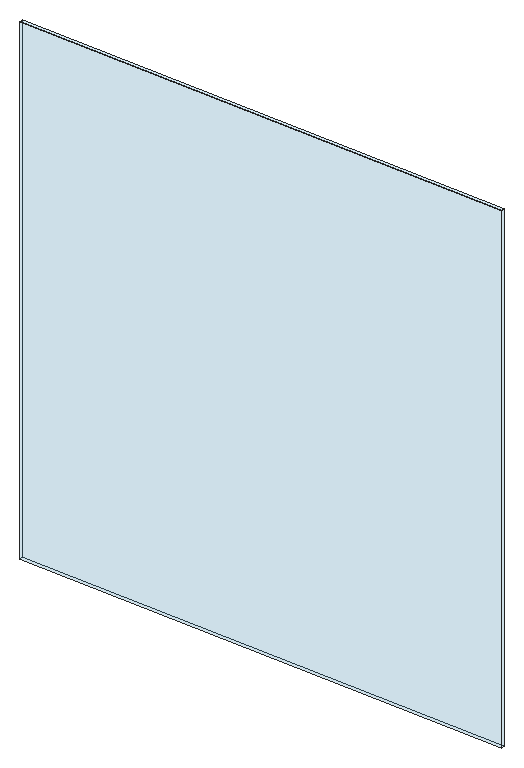
Revit family
Parameters (values of type "72" x 72"")
  Sealant = 0' - 0 3/8"
  Pocket Depth [instance] = 0' - 0 1/2"
  Head Height = Sill Height + Rough Height - Sealant  # 8' - 11 5/8"
  Depth [instance] = 0' - 4 1/2"
  Sill Height = 3' - 0"
  Rough Width = 6' - 0"
  Rough Height = 6' - 0"
  Model = "AF450P"
  Material = ""
  Manufacturer = "Arcadia"
  Sightline = 0' - 2 3/8"
  Height = Rough Height - Sealant - Sealant  # 5' - 11 1/4"
  Wall Closure = (empty or 0)
  Width = Rough Width - Sealant - Sealant  # 5' - 11 1/4"
  Glass Thickness [instance] = 0' - 0 9/16"
  Offset to Inside Face of Glass [instance] = 0' - 3 15/32"
  Construction Type = "Aluminum"
  Center of Rough Opening [instance] = Rough Width / 2  # 3' - 0"
  Center of Glass [instance] = Glass Thickness / 2  # 0' - 0 9/32"
  Center Wall to Outside Face [instance] = 0' - 2 7/8"
  CSI [instance] = yes
  Assembly Code = ""
Reference planes (in)
  plane 1 "Center (Front/Back)": y = 0
  plane 2: z = 0
  plane 3 "Center (Left/Right)": x = 12
  plane 4 "Rough Opening Bottom": z = 36
  plane 5 "Rough Opening Top": z = 108
  plane 6 "Exterior Face": y = 3.25
  plane 7 "Frame Top": z = 105.625
  plane 8 "Frame Bottom": z = 38.375
  plane 9 "Rough Opening Left": x = -24
  plane 10 "Rough Opening Right": x = 48
  plane 11 "Frame Left": x = -21.625
  plane 12 "Frame Right": x = 45.625
  plane 13 "Exterior Glass Edge": y = 1.58019
  plane 14 "Interior Glass Edge": y = 1.01769
  plane 15 "Glass Centerline": y = 1.29894
  plane 16 "Frame Outside": y = 2.04894
  plane 17 "Frame Inside": y = -2.45106
  plane 18: z = 106.125
  plane 19: z = 37.875
  plane 20: x = 46.125
  plane 21: x = -22.125
  plane 22: x = -23.625
  plane 23: x = 47.625
  plane 24: z = 107.625
  plane 25: z = 36.375
Forms (in)
  Extrusion 1, solid, material "Anodize Arcadia AC2 Clear #11", detail levels coarse
    sketch origin (0, 0, 36) x (0, -1, 0) y (1, 0, 0)
      loop
        line (-2.04894, -24) -> (2.45106, -24) -> (2.45106, -21.625) -> (-1.01769, -21.625) -> (-1.01769, -22.125) -> (-1.58019, -22.125) -> (-1.58019, -21.625) -> (-2.04894, -21.625) -> (-2.04894, -24)
    from 0 to 72 <- "Rough Height"
  Extrusion 2, solid, material "Anodize Arcadia AC2 Clear #11", detail levels coarse
    sketch origin (0, 0, 36) x (0, -1, 0) y (1, 0, 0)
      loop
        line (-2.04894, 45.625) -> (-1.58019, 45.625) -> (-1.58019, 46.125) -> (-1.01769, 46.125) -> (-1.01769, 45.625) -> (2.45106, 45.625) -> (2.45106, 48) -> (-2.04894, 48) -> (-2.04894, 45.625)
    from 0 to 72 <- "Rough Height"
  Extrusion 3, solid, material "Glass"
    sketch origin (-0.5, 0, 36) x (0, -1, 0) y (1, 0, 0)
      loop
        line (-1.58019, -21.625) -> (-1.01769, -21.625) -> (-1.01769, 46.625) -> (-1.58019, 46.625) -> (-1.58019, -21.625)
    from 1.875 to 70.125
  Extrusion 4, solid, material "Anodize Arcadia AC2 Clear #11", detail levels coarse
    sketch origin (-24, 0, 0) x (0, 1, 0) y (0, 0, 1)
      loop
        line (-2.45106, 108) -> (-2.45106, 105.625) -> (1.01769, 105.625) -> (1.01769, 106.125) -> (1.58019, 106.125) -> (1.58019, 105.625) -> (2.04894, 105.625) -> (2.04894, 108) -> (-2.45106, 108)
    from 0 to 72 <- "Rough Width"
  Extrusion 5, solid, material "Anodize Arcadia AC2 Clear #11", detail levels coarse
    sketch origin (-24, 0, 0) x (0, 1, 0) y (0, 0, 1)
      loop
        line (2.04894, 38.375) -> (1.58019, 38.375) -> (1.58019, 37.875) -> (1.01769, 37.875) -> (1.01769, 38.375) -> (-2.45106, 38.375) -> (-2.45106, 36) -> (2.04894, 36) -> (2.04894, 38.375)
    from 0 to 72 <- "Rough Width"
  Extrusion 6, void
    sketch origin (0, 0, 36) x (0, -1, 0) y (1, 0, 0)
      loop
        line (-3.25, -24) -> (4.75, -24) -> (4.75, 48) -> (-3.25, 48) -> (-3.25, -24)
    from 0 to 72 <- "Rough Height"
Lines and regions (in)
  symbolic lines, detail levels coarse
    curve 1: line (-24, 2.04894, 0) -> (-21.625, 2.04894, 0)
    curve 2: line (-21.625, 2.04894, 0) -> (-21.625, 1.58019, 0)
    curve 3: line (46.125, 1.58019, 0) -> (-22.125, 1.58019, 0)
    curve 4: line (-22.125, 1.58019, 0) -> (-22.125, 1.01769, 0)
    curve 5: line (-22.125, 1.01769, 0) -> (46.125, 1.01769, 0)
    curve 6: line (-21.625, 1.01769, 0) -> (-21.625, -2.45106, 0)
    curve 7: line (-21.625, -2.45106, 0) -> (-24, -2.45106, 0)
    curve 8: line (-24, -2.45106, 0) -> (-24, 2.04894, 0)
    curve 9: line (48, 2.04894, 0) -> (45.625, 2.04894, 0)
    curve 10: line (45.625, 2.04894, 0) -> (45.625, 1.58019, 0)
    curve 11: line (46.125, 1.58019, 0) -> (46.125, 1.01769, 0)
    curve 12: line (45.625, 1.01769, 0) -> (45.625, -2.45106, 0)
    curve 13: line (45.625, -2.45106, 0) -> (48, -2.45106, 0)
    curve 14: line (48, -2.45106, 0) -> (48, 2.04894, 0)
Text (in)
  text "EXTERIOR" at (-58.6888, 50.90694, 0), in view "Ref. Level"
  text "INTERIOR" at (-58.6888, -37.76638, 0), in view "Ref. Level"
  text "Exterior" at (0, 43.65631, 123.19604), in view "Left"
  text "Exterior" at (0, 18.29385, 125.04747), in view "Right"
Dimensions and locks (in)
  "Rough Height": plane 4 "Rough Opening Bottom" to plane 5 "Rough Opening Top"
  "Sill Height": plane 2 to plane 4 "Rough Opening Bottom"
  "Sightline": plane 7 "Frame Top" to plane 5 "Rough Opening Top"
  "Sightline": plane 4 "Rough Opening Bottom" to plane 8 "Frame Bottom"
  "Rough Width": plane 9 "Rough Opening Left" to plane 10 "Rough Opening Right"
  "Sightline": plane 9 "Rough Opening Left" to plane 11 "Frame Left"
  "Sightline": plane 12 "Frame Right" to plane 10 "Rough Opening Right"
  "Depth": plane 17 "Frame Inside" to plane 16 "Frame Outside"
  "Glass Thickness": plane 13 "Exterior Glass Edge" to plane 14 "Interior Glass Edge"
  "Center of Glass": plane 15 "Glass Centerline" to plane 14 "Interior Glass Edge"
  "Center of Rough Opening": plane 9 "Rough Opening Left" to plane 3 "Center (Left/Right)"
  "Offset to Inside Face of Glass": plane 17 "Frame Inside" to plane 14 "Interior Glass Edge"
  "Pocket Depth": plane 12 "Frame Right" to plane 20
  "Pocket Depth": plane 21 to plane 11 "Frame Left"
  "Pocket Depth": plane 7 "Frame Top" to plane 18
  "Pocket Depth": plane 19 to plane 8 "Frame Bottom"
  "Sealant": plane 23 to plane 10 "Rough Opening Right"
  "Sealant": plane 9 "Rough Opening Left" to plane 22
  "Sealant": plane 24 to plane 5 "Rough Opening Top"
  "Sealant": plane 4 "Rough Opening Bottom" to plane 25
  aligned and locked: plane 6 "Exterior Face" to host wall
  aligned and locked: Extrusion 1 sketch curve to plane 17 "Frame Inside"
  aligned and locked: plane 16 "Frame Outside" to Extrusion 1 sketch curve
  aligned and locked: Extrusion 1 sketch curve to plane 11 "Frame Left"
  aligned and locked: plane 9 "Rough Opening Left" to Extrusion 1 sketch curve
  aligned and locked: plane 12 "Frame Right" to Extrusion 2 sketch curve
  aligned and locked: Extrusion 2 sketch curve to plane 10 "Rough Opening Right"
  aligned and locked: Extrusion 2 sketch curve to plane 17 "Frame Inside"
  aligned and locked: plane 16 "Frame Outside" to Extrusion 2 sketch curve
  aligned and locked: Extrusion 3 sketch curve to plane 13 "Exterior Glass Edge"
  aligned and locked: plane 14 "Interior Glass Edge" to Extrusion 3 sketch curve
  aligned and locked: plane 5 "Rough Opening Top" to Extrusion 4 sketch curve
  aligned and locked: Extrusion 4 sketch curve to plane 7 "Frame Top"
  aligned and locked: Extrusion 4 sketch curve to plane 17 "Frame Inside"
  aligned and locked: plane 16 "Frame Outside" to Extrusion 4 sketch curve
  aligned and locked: Extrusion 5 sketch curve to plane 4 "Rough Opening Bottom"
  aligned and locked: plane 8 "Frame Bottom" to Extrusion 5 sketch curve
  aligned and locked: Extrusion 5 sketch curve to plane 17 "Frame Inside"
  aligned and locked: plane 16 "Frame Outside" to Extrusion 5 sketch curve
  aligned and locked: plane 4 "Rough Opening Bottom" to nested 3
  aligned and locked: nested 2 to plane 5 "Rough Opening Top"
  aligned and locked: plane 19 to Extrusion 3
  aligned and locked: Extrusion 3 to plane 18
  aligned and locked: plane 17 "Frame Inside" to nested 3
  aligned and locked: plane 17 "Frame Inside" to nested 2
  aligned and locked: nested 1 to plane 16 "Frame Outside"
  aligned and locked: plane 10 "Rough Opening Right" to nested 1
  aligned and locked: nested 4 to plane 9 "Rough Opening Left"
  aligned and locked: plane 17 "Frame Inside" to nested 4
  aligned and locked: plane 13 "Exterior Glass Edge" to Extrusion 5 sketch curve
  aligned and locked: Extrusion 5 sketch curve to plane 14 "Interior Glass Edge"
  aligned and locked: plane 19 to Extrusion 5 sketch curve
  aligned and locked: Extrusion 4 sketch curve to plane 13 "Exterior Glass Edge"
  aligned and locked: plane 18 to Extrusion 4 sketch curve
  aligned and locked: plane 14 "Interior Glass Edge" to Extrusion 4 sketch curve
  aligned and locked: plane 14 "Interior Glass Edge" to Extrusion 2 sketch curve
  aligned and locked: Extrusion 2 sketch curve to plane 20
  aligned and locked: Extrusion 2 sketch curve to plane 13 "Exterior Glass Edge"
  aligned and locked: Extrusion 1 sketch curve to plane 14 "Interior Glass Edge"
  aligned and locked: Extrusion 1 sketch curve to plane 21
  aligned and locked: plane 13 "Exterior Glass Edge" to Extrusion 1 sketch curve
  aligned and locked: plane 16 "Frame Outside" to curve 1
  aligned and locked: plane 9 "Rough Opening Left" to curve 8
  aligned and locked: curve 2 to plane 11 "Frame Left"
  aligned and locked: curve 6 to plane 11 "Frame Left"
  aligned and locked: curve 4 to plane 21
  aligned and locked: curve 7 to plane 17 "Frame Inside"
  aligned and locked: curve 5 to plane 14 "Interior Glass Edge"
  aligned and locked: plane 13 "Exterior Glass Edge" to curve 3
  aligned and locked: curve 10 to plane 12 "Frame Right"
  aligned and locked: curve 12 to plane 12 "Frame Right"
  aligned and locked: curve 11 to plane 20
  aligned and locked: plane 10 "Rough Opening Right" to curve 14
  aligned and locked: curve 9 to plane 16 "Frame Outside"
  aligned and locked: plane 17 "Frame Inside" to curve 13
  aligned and locked: import instance to plane 16 "Frame Outside"
  aligned and locked: import instance to plane 9 "Rough Opening Left"
  aligned and locked: plane 16 "Frame Outside" to import instance
  aligned and locked: import instance to plane 10 "Rough Opening Right"
  aligned and locked: import instance to plane 4 "Rough Opening Bottom"
  aligned and locked: plane 14 "Interior Glass Edge" to import instance
  aligned and locked: plane 13 "Exterior Glass Edge" to import instance
  aligned and locked: plane 5 "Rough Opening Top" to import instance
  aligned and locked: level to plane 2
  aligned and locked: plane 9 "Rough Opening Left" to Extrusion 6 sketch curve
  aligned and locked: plane 6 "Exterior Face" to Extrusion 6 sketch curve
  aligned and locked: host wall to Extrusion 6 sketch curve
  aligned and locked: plane 10 "Rough Opening Right" to Extrusion 6 sketch curve
Automatic sketch dimensions
  Extrusion 3 sketch curve to plane 21 = 0' - 0"
  Extrusion 3 sketch curve to plane 20 = 0' - 0"
  Extrusion 5 sketch curve to plane 8 "Frame Bottom" = 0' - 0"
  Extrusion 4 sketch curve to plane 7 "Frame Top" = 0' - 0"
  Extrusion 2 sketch curve to plane 12 "Frame Right" = 0' - 0"
  Extrusion 1 sketch curve to plane 11 "Frame Left" = 0' - 0"
Nested families (in)
  nested 1: "Window-Arcadia-AF450P-Med-Jamb-R" at (46.9375, 1.29894, 0) x (-1, 0, 0) z (0, 0, 1), type "Window-Arcadia-AF450P-Med-Jamb-R", detail levels medium
    with Sightline 0' - 2 3/8", Pocket Depth 0' - 0 1/2", Offset to Inside Face of Glass 0' - 3 15/32", Glass Width 0' - 0 9/16", Frame Wall Thickness 0' - 0 3/32", Depth 0' - 4 1/2", Center of Glass 0' - 0 9/32"
  nested 2: "Window-Arcadia-AF450P-Med-Head" at (33.875, 1.29894, 108) x (0, -1, 0) z (1, 0, 0), type "Window-Arcadia-AF450P-Med-Head", detail levels medium
    with Sightline 0' - 2 3/8", Pocket Depth 0' - 0 1/2", Offset to Inside Face of Glass 0' - 3 15/32", Glass Width 0' - 0 9/16", Frame Wall Thickness 0' - 0 3/32", Depth 0' - 4 1/2", Center of Glass 0' - 0 9/32"
  nested 3: "Window-Arcadia-AF450P-Med-Sill" at (33.875, 1.29894, 36) x (0, -1, 0) z (1, 0, 0), type "Window-Arcadia-AF450P-Med-Sill", detail levels medium
    with Sightline 0' - 2 3/8", Pocket Depth 0' - 0 1/2", Offset to Inside Face of Glass 0' - 3 15/32", Glass Width 0' - 0 9/16", Frame Wall Thickness 0' - 0 3/32", Depth 0' - 4 1/2", Center of Glass 0' - 0 9/32"
  nested 4: "Window-Arcadia-AF450P-Med-Jamb-L" at (-22.9375, 1.29894, 0) x (-1, 0, 0) z (0, 0, 1), type "Window-Arcadia-AF450P-Med-Jamb-L", detail levels medium
    with Sightline 0' - 2 3/8", Pocket Depth 0' - 0 1/2", Offset to Inside Face of Glass 0' - 3 15/32", Glass Width 0' - 0 9/16", Frame Wall Thickness 0' - 0 3/32", Depth 0' - 4 1/2", Center of Glass 0' - 0 9/32"
Definition of nested family "Window-Arcadia-AF450P-Med-Jamb-R"
  Parameters (values of type "Window-Arcadia-TC670-Med-Jamb-R")
    Depth [instance] = 0' - 6"
    Pocket Depth [instance] = 0' - 0 3/4"
    Offset to Inside Face of Glass [instance] = 0' - 4"
    Glass Width [instance] = 0' - 1"
    Sightline [instance] = 0' - 2 5/8"
    Center of Glass [instance] = Glass Width / 2  # 0' - 0 1/2"
    Frame Wall Thickness [instance] = 0' - 0 3/32"
    Assembly Code = ""
  Reference planes (in)
    plane 1 "Center (Front/Back)": y = 0
    plane 2: z = 0
    plane 3: x = 1.5625
    plane 4 "back": x = -1.0625
    plane 5: y = 4.5
    plane 6: y = -1.5
    plane 7 "Inside Face of Glass": y = 0.5
    plane 8: y = -0.5
    plane 9: x = 0.8125
  Lines and regions (in)
    detail lines, in view "Ref. Level", detail levels medium
      curve 1: line (-1.0625, 4.5, 0) -> (-1.0625, -1.5, 0)
      curve 2: line (-1.0625, -1.5, 0) -> (1.5625, -1.5, 0)
      curve 3: line (1.5625, -1.5, 0) -> (1.5625, -0.5, 0)
      curve 4: line (1.5625, -0.5, 0) -> (0.8125, -0.5, 0)
      curve 5: line (0.8125, -0.5, 0) -> (0.8125, 0.5, 0)
      curve 6: line (0.8125, 0.5, 0) -> (1.5625, 0.5, 0)
      curve 7: line (1.5625, 0.5, 0) -> (1.5625, 4.5, 0)
      curve 8: line (1.5625, 4.5, 0) -> (-1.0625, 4.5, 0)
      curve 9: line (1.46875, 4.40625, 0) -> (-0.96875, 4.40625, 0)
      curve 10: line (-0.96875, 4.40625, 0) -> (-0.96875, -1.40625, 0)
      curve 11: line (-0.96875, -1.40625, 0) -> (1.46875, -1.40625, 0)
      curve 12: line (1.46875, -1.40625, 0) -> (1.46875, -0.59375, 0)
      curve 13: line (1.46875, -0.59375, 0) -> (0.71875, -0.59375, 0)
      curve 14: line (0.71875, -0.59375, 0) -> (0.71875, 0.59375, 0)
      curve 15: line (0.71875, 0.59375, 0) -> (1.46875, 0.59375, 0)
      curve 16: line (1.46875, 0.59375, 0) -> (1.46875, 4.40625, 0)
      curve 17: line (1.5625, 4.5, 0) -> (-1.0625, 4.5, 0)
      curve 18: line (-1.0625, 4.40625, 0) -> (-1.0625, -1.5, 0)
  Dimensions and locks (in)
    "Sightline": plane 4 "back" to plane 3
    "Depth": plane 5 to plane 6
    "Center of Glass": plane 1 "Center (Front/Back)" to plane 7 "Inside Face of Glass"
    "Glass Width": plane 8 to plane 7 "Inside Face of Glass"
    "Pocket Depth": plane 9 to plane 3
    "Offset to Inside Face of Glass": plane 5 to plane 7 "Inside Face of Glass"
    "Frame Wall Thickness": plane 5 to curve 9
    "Frame Wall Thickness": plane 4 "back" to curve 10
    "Frame Wall Thickness": curve 11 to plane 6
    "Frame Wall Thickness": curve 12 to plane 3
    "Frame Wall Thickness": curve 13 to plane 8
    "Frame Wall Thickness": plane 7 "Inside Face of Glass" to curve 15
    "Frame Wall Thickness": curve 14 to plane 9
    "Frame Wall Thickness": curve 16 to plane 3
    aligned and locked: plane 5 to curve 8
    aligned and locked: curve 1 to plane 4 "back"
    aligned and locked: curve 2 to plane 6
    aligned and locked: plane 3 to curve 3
    aligned and locked: curve 4 to plane 8
    aligned and locked: plane 9 to curve 5
    aligned and locked: plane 7 "Inside Face of Glass" to curve 6
    aligned and locked: plane 3 to curve 7
  Automatic sketch dimensions
    curve 18 to curve 9 = 0' - 0"
Definition of nested family "Window-Arcadia-AF450P-Med-Head"
  Parameters (values of type "Window-Arcadia-A400-Med-Head")
    Depth [instance] = 0' - 6"
    Pocket Depth [instance] = 0' - 0 1/2"
    Offset to Inside Face of Glass [instance] = 0' - 4"
    Glass Width [instance] = 0' - 1"
    Sightline [instance] = 0' - 2 5/8"
    Center of Glass [instance] = Glass Width / 2  # 0' - 0 1/2"
    Frame Wall Thickness [instance] = 0' - 0 3/32"
    Assembly Code = ""
  Reference planes (in)
    plane 1 "Center (Front/Back)": y = 0
    plane 2: z = 0
    plane 3 "Center (Left/Right)": x = 0
    plane 4: x = -0.5
    plane 5 "Inside Face of Glass": x = 0.5
    plane 6: y = -2.625
    plane 7: x = 4.5
    plane 8: x = -1.5
    plane 9: y = -2.125
  Lines and regions (in)
    detail lines, in view "Ref. Level", detail levels medium
      curve 1: line (-1.5, 0, 0) -> (-1.5, -2.625, 0)
      curve 2: line (-1.5, -2.625, 0) -> (-0.5, -2.625, 0)
      curve 3: line (-0.5, -2.625, 0) -> (-0.5, -2.125, 0)
      curve 4: line (-0.5, -2.125, 0) -> (0.5, -2.125, 0)
      curve 5: line (0.5, -2.125, 0) -> (0.5, -2.625, 0)
      curve 6: line (0.5, -2.625, 0) -> (4.5, -2.625, 0)
      curve 7: line (4.5, -2.625, 0) -> (4.5, 0, 0)
      curve 8: line (4.5, 0, 0) -> (-1.5, 0, 0)
      curve 9: line (-1.40625, -0.09375, 0) -> (-1.40625, -2.53125, 0)
      curve 10: line (4.40625, -0.09375, 0) -> (-1.40625, -0.09375, 0)
      curve 11: line (4.40625, -2.53125, 0) -> (4.40625, -0.09375, 0)
      curve 12: line (0.59375, -2.53125, 0) -> (4.40625, -2.53125, 0)
      curve 13: line (-1.40625, -2.53125, 0) -> (-0.59375, -2.53125, 0)
      curve 14: line (-0.59375, -2.53125, 0) -> (-0.59375, -2.03125, 0)
      curve 15: line (-0.59375, -2.03125, 0) -> (0.59375, -2.03125, 0)
      curve 16: line (0.59375, -2.03125, 0) -> (0.59375, -2.53125, 0)
  Dimensions and locks (in)
    "Sightline": plane 6 to plane 1 "Center (Front/Back)"
    "Depth": plane 8 to plane 7
    "Pocket Depth": plane 6 to plane 9
    "Offset to Inside Face of Glass": plane 5 "Inside Face of Glass" to plane 7
    "Glass Width": plane 4 to plane 5 "Inside Face of Glass"
    "Center of Glass": plane 3 "Center (Left/Right)" to plane 5 "Inside Face of Glass"
    "Frame Wall Thickness": plane 8 to curve 9
    "Frame Wall Thickness": curve 10 to plane 1 "Center (Front/Back)"
    "Frame Wall Thickness": curve 11 to plane 7
    "Frame Wall Thickness": plane 6 to curve 12
    "Frame Wall Thickness": plane 6 to curve 13
    "Frame Wall Thickness": plane 9 to curve 15
    "Frame Wall Thickness": plane 5 "Inside Face of Glass" to curve 16
    "Frame Wall Thickness": curve 14 to plane 4
    aligned and locked: curve 8 to plane 1 "Center (Front/Back)"
    aligned and locked: plane 7 to curve 7
    aligned and locked: curve 1 to plane 8
    aligned and locked: plane 9 to curve 4
    aligned and locked: plane 4 to curve 3
    aligned and locked: plane 6 to curve 2
    aligned and locked: plane 6 to curve 6
  Automatic sketch dimensions
    curve 5 to plane 5 "Inside Face of Glass" = 0' - 0"
Definition of nested family "Window-Arcadia-AF450P-Med-Sill"
  Parameters (values of type "Window-Arcadia-A400-Med-Sill")
    Depth [instance] = 0' - 6"
    Pocket Depth [instance] = 0' - 0 1/2"
    Offset to Inside Face of Glass [instance] = 0' - 4"
    Glass Width [instance] = 0' - 1"
    Sightline [instance] = 0' - 2 5/8"
    Center of Glass [instance] = Glass Width / 2  # 0' - 0 1/2"
    Frame Wall Thickness [instance] = 0' - 0 3/32"
    Assembly Code = ""
  Reference planes (in)
    plane 1 "Center (Front/Back)": y = 0
    plane 2: z = 0
    plane 3 "Center (Left/Right)": x = 0
    plane 4: x = -0.5
    plane 5 "Inside Face of Glass": x = 0.5
    plane 6: y = 2.625
    plane 7: x = 4.5
    plane 8: x = -1.5
    plane 9: y = 2.125
  Lines and regions (in)
    detail lines, in view "Ref. Level", detail levels medium
      curve 1: line (-1.5, 2.625, 0) -> (-1.5, 0, 0)
      curve 2: line (-1.5, 0, 0) -> (4.5, 0, 0)
      curve 3: line (4.5, 0, 0) -> (4.5, 2.625, 0)
      curve 4: line (4.5, 2.625, 0) -> (0.5, 2.625, 0)
      curve 5: line (0.5, 2.625, 0) -> (0.5, 2.125, 0)
      curve 6: line (0.5, 2.125, 0) -> (-0.5, 2.125, 0)
      curve 7: line (-0.5, 2.125, 0) -> (-0.5, 2.625, 0)
      curve 8: line (-0.5, 2.625, 0) -> (-1.5, 2.625, 0)
      curve 9: line (-0.59375, 2.53125, 0) -> (-1.40625, 2.53125, 0)
      curve 10: line (-1.40625, 2.53125, 0) -> (-1.40625, 0.09375, 0)
      curve 11: line (-1.40625, 0.09375, 0) -> (4.40625, 0.09375, 0)
      curve 12: line (4.40625, 0.09375, 0) -> (4.40625, 2.53125, 0)
      curve 13: line (4.40625, 2.53125, 0) -> (0.59375, 2.53125, 0)
      curve 14: line (0.59375, 2.53125, 0) -> (0.59375, 2.03125, 0)
      curve 15: line (0.59375, 2.03125, 0) -> (-0.59375, 2.03125, 0)
      curve 16: line (-0.59375, 2.03125, 0) -> (-0.59375, 2.53125, 0)
  Dimensions and locks (in)
    "Pocket Depth": plane 9 to plane 6
    "Sightline": plane 1 "Center (Front/Back)" to plane 6
    "Depth": plane 8 to plane 7
    "Offset to Inside Face of Glass": plane 5 "Inside Face of Glass" to plane 7
    "Glass Width": plane 4 to plane 5 "Inside Face of Glass"
    "Center of Glass": plane 3 "Center (Left/Right)" to plane 5 "Inside Face of Glass"
    "Frame Wall Thickness": curve 9 to plane 6
    "Frame Wall Thickness": plane 8 to curve 10
    "Frame Wall Thickness": plane 1 "Center (Front/Back)" to curve 11
    "Frame Wall Thickness": curve 12 to plane 7
    "Frame Wall Thickness": curve 13 to plane 6
    "Frame Wall Thickness": plane 5 "Inside Face of Glass" to curve 14
    "Frame Wall Thickness": curve 15 to plane 9
    "Frame Wall Thickness": curve 16 to plane 4
    aligned and locked: plane 1 "Center (Front/Back)" to curve 2
    aligned and locked: plane 7 to curve 3
    aligned and locked: curve 1 to plane 8
    aligned and locked: curve 8 to plane 6
    aligned and locked: curve 4 to plane 6
    aligned and locked: curve 6 to plane 9
    aligned and locked: curve 5 to plane 5 "Inside Face of Glass"
    aligned and locked: plane 4 to curve 7
  Automatic sketch dimensions
    curve 7 to plane 9 = 0' - 0"
Definition of nested family "Window-Arcadia-AF450P-Med-Jamb-L"
  Parameters (values of type "Window-Arcadia-TC670-Med-Jamb-L")
    Depth [instance] = 0' - 6"
    Pocket Depth [instance] = 0' - 0 1/2"
    Offset to Inside Face of Glass [instance] = 0' - 4"
    Glass Width [instance] = 0' - 1"
    Sightline [instance] = 0' - 2 1/8"
    Center of Glass [instance] = Glass Width / 2  # 0' - 0 1/2"
    Frame Wall Thickness [instance] = 0' - 0 3/32"
    Assembly Code = ""
  Reference planes (in)
    plane 1 "Center (Front/Back)": y = 0
    plane 2: z = 0
    plane 3 "BACK": x = 1.0625
    plane 4 "FRONT": x = -1.0625
    plane 5: y = 1.5
    plane 6: y = -4.5
    plane 7 "Inside Face of Glass": y = 0.5
    plane 8: y = -0.5
    plane 9: x = -0.5625
  Lines and regions (in)
    detail lines, in view "Ref. Level", detail levels medium
      curve 1: line (1.0625, 1.5, 0) -> (1.0625, -4.5, 0)
      curve 2: line (1.0625, -4.5, 0) -> (-1.0625, -4.5, 0)
      curve 3: line (-1.0625, -4.5, 0) -> (-1.0625, -0.5, 0)
      curve 4: line (-1.0625, -0.5, 0) -> (-0.5625, -0.5, 0)
      curve 5: line (-0.5625, -0.5, 0) -> (-0.5625, 0.5, 0)
      curve 6: line (-0.5625, 0.5, 0) -> (-1.0625, 0.5, 0)
      curve 7: line (-1.0625, 0.5, 0) -> (-1.0625, 1.5, 0)
      curve 8: line (-1.0625, 1.5, 0) -> (1.0625, 1.5, 0)
      curve 9: line (-0.96875, 1.40625, 0) -> (0.96875, 1.40625, 0)
      curve 10: line (-0.96875, 0.59375, 0) -> (-0.96875, 1.40625, 0)
      curve 11: line (-0.46875, 0.59375, 0) -> (-0.96875, 0.59375, 0)
      curve 12: line (-0.46875, -0.59375, 0) -> (-0.46875, 0.59375, 0)
      curve 13: line (-0.96875, -0.59375, 0) -> (-0.46875, -0.59375, 0)
      curve 14: line (-0.96875, -4.40625, 0) -> (-0.96875, -0.59375, 0)
      curve 15: line (0.96875, -4.40625, 0) -> (-0.96875, -4.40625, 0)
      curve 16: line (0.96875, 1.40625, 0) -> (0.96875, -4.40625, 0)
  Dimensions and locks (in)
    "Depth": plane 5 to plane 6
    "Pocket Depth": plane 4 "FRONT" to plane 9
    "Sightline": plane 4 "FRONT" to plane 3 "BACK"
    "Glass Width": plane 8 to plane 7 "Inside Face of Glass"
    "Center of Glass": plane 1 "Center (Front/Back)" to plane 7 "Inside Face of Glass"
    "Frame Wall Thickness": plane 4 "FRONT" to curve 10
    "Frame Wall Thickness": plane 5 to curve 9
    "Frame Wall Thickness": curve 15 to plane 6
    "Frame Wall Thickness": curve 13 to plane 8
    "Frame Wall Thickness": plane 9 to curve 12
    "Frame Wall Thickness": plane 7 "Inside Face of Glass" to curve 11
    "Frame Wall Thickness": plane 4 "FRONT" to curve 14
    "Offset to Inside Face of Glass": plane 6 to plane 8
    aligned and locked: curve 8 to plane 5
    aligned and locked: curve 1 to plane 3 "BACK"
    aligned and locked: plane 6 to curve 2
    aligned and locked: curve 3 to plane 4 "FRONT"
    aligned and locked: plane 8 to curve 4
    aligned and locked: plane 9 to curve 5
    aligned and locked: curve 6 to plane 7 "Inside Face of Glass"
    aligned and locked: plane 4 "FRONT" to curve 7
  Automatic sketch dimensions
    curve 16 to plane 3 "BACK" = 0' - 0 3/32"
